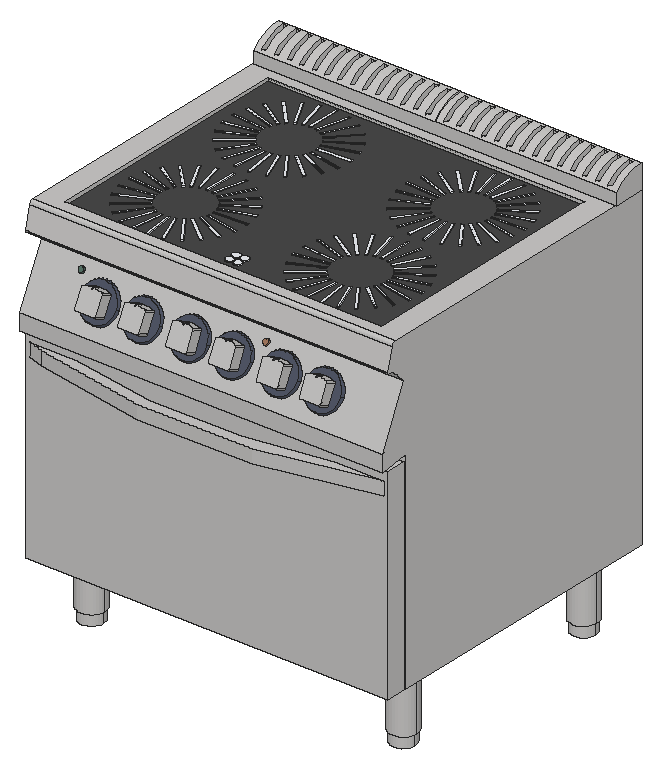
Revit family "QF_ZANUSSI_372026_Z7IREH40E0", category Specialty Equipment, Revit 2018
Family settings
  Round Connector Dimension = Use Diameter
  Part Type = Normal
  Work Plane-Based = No
  Always vertical = Yes
  Cut with Voids When Loaded = No
  Shared = No
  Room Calculation Point = No
Parameters
  Width = 800 mm  # constant formula
  Weight in Pounds = 187  # constant formula
  Weight = 0.00 kg
  Watts = 14800 W  # constant formula
  Volts = 400 V  # constant formula
  URL Manufacturer = "http://www.zanussiprofessional.com"
  URL Cutsheet = "www.electrolux.com/foodservice"
  URL = "http://www.zanussiprofessional.com"
  Type Mark [instance] = ""
  Steam Supply Size = 0"
  Steam Supply Minimum Pressure = 0.00 psi
  Steam Supply Maximum Pressure = 0.00 psi
  Steam Pounds per Hour = 0
  Status [instance] = ""
  Specification by User [instance] = ""
  Specification by Manufacturer = ""
  Show Logo [instance] = yes
  Show Clearance [instance] = yes
  Serial Number = ""
  Seismic Rating = ""
  SMACNA No = ""
  Revision Code [instance] = ""
  Refrigeration Suction Line Size = 0"
  Refrigeration Liquid Line Size = 0"
  Refrigerant Compressor Remote = yes
  Phase = 3  # constant formula
  Omniclass Number and Title = ""
  Number of Poles [instance] = 1
  NAFEM Spec ID Number = ""
  Model = "Z7IREH40E0"
  Min Ckt Ampacity = 0 A
  Max Overcurrent Protection = 0 A
  Masterspec = ""
  Manufacturer = "Zanussi"
  Length Actual = 800 mm  # constant formula
  Item Number [instance] = "372026"
  Installed By [instance] = ""
  Identify Quantity as Lot [instance] = yes
  Hot Water Size = 0"
  Height Actual = 850 mm  # constant formula
  Height = 333 mm  # constant formula
  HP = "19.8 HP"
  Gas Size = 0"
  Gas KW = 0
  Gas Input Pressure = 0.0 Btu/h
  Furnished By [instance] = ""
  Foodservice Equipment Identifier [instance] = yes
  FL Amps = if(Phase = 3, Watts / (Volts * 1.73), Watts / Volts)  # 21.3873 A
  Electrical Remarks [instance] = "400 V/3N ph/50/60 Hz"  # constant formula
  Electric Connection Type [instance] = ""
  Elec Conn RI Height [instance] = 0 mm
  Elec Conn Connection Height [instance] = 0 mm
  Direct Waste Size = 0"
  Description = "INFRARED COOKING RANGE+EL.OVEN 800 MM"
  Depth Actual = 700 mm  # constant formula
  Depth = 715 mm  # constant formula
  Cycle = if([60 Hertz Option], 60 Hz, 50 Hz)  # 60 Hz
  Conn Plug = ""
  Conn Conduit = yes
  Condensate Return Size = 0"
  Compressed Air Volume = 0 GPM
  Compressed Air Size = 0"
  Compressed Air Pressure = 0.00 psi
  Cold Water Size = 0"
  CSI MasterFormat = ""
  CSI Master Format = ""
  Base Height [instance] = 150 mm  # constant formula
  Assembly Code = ""
  Apparent Power = if(Phase = 3, Volts * FL Amps * 1.73, Volts * FL Amps)  # 14800 VA
  Accessory = yes
  60 Hertz Option = not([50 Hertz Option])  # yes
  50 Hertz Option = no
Reference planes
  plane 1 "BACK": y = 0
  plane 2: z = 0
  plane 3 "LEFT": x = 0
  plane 4 "RIGHT": x = 800
  plane 5 "FRONT": y = -715
  plane 6 "TOP": z = 905.238
  plane 7 "Center Y": x = 400
  plane 8 "Center X": y = -357.5
  plane 9 "BASETOP": z = 601
  plane 10 "TOP A": z = 850.238
  plane 11: y = -597.884
  plane 12: y = -147.637
  plane 13: z = 942.313
  plane 14 "Base": z = 150
  plane 15: y = -700
  plane 16 "panel": through (-6096, -715, 640.746) normal (0, 0.8956, -0.4448)
Forms (mm)
  Extrusion 1, solid, material "QF_Finishes_Stainless Steel"
    sketch origin (0, 0, 0) x (0, 1, 0) y (0, 0, 1)
      loop
        line (-655.4, 601) -> (-700, 601) -> (-700, 150) -> (-655.4, 150) -> (-655.4, 601)
      loop
        line (0, 150) -> (0, 850.238) -> (-679.358, 850.238)
        arc (-679.358, 850.238) -> (-684.643, 848.048) -> (-686.833, 842.763) r 7.474
        line (-686.833, 842.763) -> (-699.884, 797.248)
        arc (-699.884, 797.248) -> (-699.396, 794.616) -> (-697, 793.421) r 3
        line (-697, 793.421) -> (-686.802, 793.421) -> (-654.982, 761.602) -> (-715, 640.746) -> (-715, 605.746) -> (-654.755, 614.212)
        arc (-654.755, 614.212) -> (-652.231, 613.464) -> (-651.138, 611.068) r 3.175
        line (-651.138, 611.068) -> (-651.138, 150) -> (0, 150)
    from 0 to 800
  Extrusion 2, solid, material "QF_Finishes_Stainless Steel"
    sketch origin (0, 0, 0) x (0, 1, 0) y (0, 0, 1)
      loop
        line (0, 850.237) -> (0, 905.237)
        arc (0, 905.237) -> (-38.078, 897.879) -> (-69.85, 875.637) r 93.057
        line (-69.85, 875.637) -> (-69.85, 850.237) -> (0, 850.237)
    from 0 to 800
  Extrusion 3, void
    sketch origin (0, 0, 850.238) x (-1, 0, 0) y (0, -1, 0)
      loop
        line (-50, 93.262) -> (-50, 653.262) -> (-749.9, 653.262) -> (-749.9, 93.262) -> (-50, 93.262)
    from 0 to -6.4
  Extrusion 4, solid, material "QF_Finishes_Clearance", visible <- "Show Clearance", detail levels coarse
    sketch origin (0, 0, 0) x (1, 0, 0) y (0, 1, 0)
      loop
        line (0, -715) -> (0, 0) -> (800, 0) -> (800, -715) -> (950.019, -715) -> (950.019, 150.019) -> (-150.019, 150.019) -> (-150.019, -715) -> (0, -715)
    from 0 to 905.237
  Extrusion 5, void
    sketch origin (744.415, 0, 850.237) x (1, 0, 0) y (0, 1, 0)
      loop
        line (42.182, -6.761) -> (32.886, -6.761) -> (32.886, -63.911) -> (42.182, -63.911) -> (42.182, -6.761)
      loop
        line (14.339, -6.761) -> (5.044, -6.761) -> (5.044, -63.911) -> (14.339, -63.911) -> (14.339, -6.761)
      loop
        line (-13.503, -6.761) -> (-22.799, -6.761) -> (-22.799, -63.911) -> (-13.503, -63.911) -> (-13.503, -6.761)
      loop
        line (-41.345, -6.761) -> (-50.641, -6.761) -> (-50.641, -63.911) -> (-41.345, -63.911) -> (-41.345, -6.761)
      loop
        line (-69.187, -6.761) -> (-78.483, -6.761) -> (-78.483, -63.911) -> (-69.187, -63.911) -> (-69.187, -6.761)
      loop
        line (-97.03, -6.761) -> (-106.325, -6.761) -> (-106.325, -63.911) -> (-97.03, -63.911) -> (-97.03, -6.761)
      loop
        line (-124.872, -6.761) -> (-134.168, -6.761) -> (-134.168, -63.911) -> (-124.872, -63.911) -> (-124.872, -6.761)
      loop
        line (-152.714, -6.761) -> (-162.01, -6.761) -> (-162.01, -63.911) -> (-152.714, -63.911) -> (-152.714, -6.761)
      loop
        line (-180.557, -6.761) -> (-189.852, -6.761) -> (-189.852, -63.911) -> (-180.557, -63.911) -> (-180.557, -6.761)
      loop
        line (-208.399, -6.761) -> (-217.695, -6.761) -> (-217.695, -63.911) -> (-208.399, -63.911) -> (-208.399, -6.761)
      loop
        line (-236.241, -6.761) -> (-245.537, -6.761) -> (-245.537, -63.911) -> (-236.241, -63.911) -> (-236.241, -6.761)
      loop
        line (-264.084, -6.761) -> (-273.379, -6.761) -> (-273.379, -63.911) -> (-264.084, -63.911) -> (-264.084, -6.761)
      loop
        line (-359.717, -6.761) -> (-369.013, -6.761) -> (-369.013, -63.911) -> (-359.717, -63.911) -> (-359.717, -6.761)
      loop
        line (-387.559, -6.761) -> (-396.855, -6.761) -> (-396.855, -63.911) -> (-387.559, -63.911) -> (-387.559, -6.761)
      loop
        line (-415.401, -6.761) -> (-424.697, -6.761) -> (-424.697, -63.911) -> (-415.401, -63.911) -> (-415.401, -6.761)
      loop
        line (-443.244, -6.761) -> (-452.539, -6.761) -> (-452.539, -63.911) -> (-443.244, -63.911) -> (-443.244, -6.761)
      loop
        line (-471.086, -6.761) -> (-480.382, -6.761) -> (-480.382, -63.911) -> (-471.086, -63.911) -> (-471.086, -6.761)
      loop
        line (-498.928, -6.761) -> (-508.224, -6.761) -> (-508.224, -63.911) -> (-498.928, -63.911) -> (-498.928, -6.761)
      loop
        line (-526.771, -6.761) -> (-536.066, -6.761) -> (-536.066, -63.911) -> (-526.771, -63.911) -> (-526.771, -6.761)
      loop
        line (-554.613, -6.761) -> (-563.909, -6.761) -> (-563.909, -63.911) -> (-554.613, -63.911) -> (-554.613, -6.761)
      loop
        line (-582.455, -6.761) -> (-591.751, -6.761) -> (-591.751, -63.911) -> (-582.455, -63.911) -> (-582.455, -6.761)
      loop
        line (-610.298, -6.761) -> (-619.593, -6.761) -> (-619.593, -63.911) -> (-610.298, -63.911) -> (-610.298, -6.761)
      loop
        line (-638.14, -6.761) -> (-647.436, -6.761) -> (-647.436, -63.911) -> (-638.14, -63.911) -> (-638.14, -6.761)
      loop
        line (-665.982, -6.761) -> (-675.278, -6.761) -> (-675.278, -63.911) -> (-665.982, -63.911) -> (-665.982, -6.761)
      loop
        line (-693.825, -6.761) -> (-703.12, -6.761) -> (-703.12, -63.911) -> (-693.825, -63.911) -> (-693.825, -6.761)
      loop
        line (-721.667, -6.761) -> (-730.963, -6.761) -> (-730.963, -63.911) -> (-721.667, -63.911) -> (-721.667, -6.761)
      loop
        line (-291.926, -6.761) -> (-301.222, -6.761) -> (-301.222, -63.911) -> (-291.926, -63.911) -> (-291.926, -6.761)
      loop
        line (-319.768, -6.761) -> (-329.064, -6.761) -> (-329.064, -63.911) -> (-319.768, -63.911) -> (-319.768, -6.761)
    from 25.4 to 63.5
  Extrusion 6, void
    sketch origin (418.151, 0, 850.237) x (1, 0, 0) y (0, 1, 0)
      loop
        line (-16.563, 0) -> (-19.738, 0) -> (-19.738, -69.85) -> (-16.563, -69.85) -> (-16.563, 0)
    from 25.4 to 63.5
  Revolve 7, solid, material "QF_Finishes_Stainless Steel"
    sketch origin (0, -587.387, 608.09) x (0, 0, 1) y (-1, 0, 0)
      loop
        line (-608.09, -56) -> (-458.09, -56) -> (-458.09, -26) -> (-583.09, -26) -> (-583.09, -29.75) -> (-608.09, -29.75) -> (-608.09, -56)
      axis (-608.09, -56) -> (-458.09, -56)
    angle from 0 to 360
  Revolve 8, solid, material "QF_Finishes_Stainless Steel"
    sketch origin (0, -90, 608.09) x (0, 0, 1) y (-1, 0, 0)
      loop
        line (-608.09, -56) -> (-458.09, -56) -> (-458.09, -26) -> (-583.09, -26) -> (-583.09, -29.75) -> (-608.09, -29.75) -> (-608.09, -56)
      axis (-608.09, -56) -> (-458.09, -56)
    angle from 0 to 360
  Revolve 9, solid, material "QF_Finishes_Stainless Steel"
    sketch origin (800.1, -587.387, 608.09) x (0, 0, 1) y (-1, 0, 0)
      loop
        line (-608.09, 56.1) -> (-608.09, 29.85) -> (-583.09, 29.85) -> (-583.09, 26.1) -> (-458.09, 26.1) -> (-458.09, 56.1) -> (-608.09, 56.1)
      axis (-608.09, 56.1) -> (-458.09, 56.1)
    angle from 0 to 360
  Revolve 10, solid, material "QF_Finishes_Stainless Steel"
    sketch origin (800.1, -90, 608.09) x (0, 0, 1) y (-1, 0, 0)
      loop
        line (-608.09, 56.1) -> (-608.09, 29.85) -> (-583.09, 29.85) -> (-583.09, 26.1) -> (-458.09, 26.1) -> (-458.09, 56.1) -> (-608.09, 56.1)
      axis (-608.09, 56.1) -> (-458.09, 56.1)
    angle from 0 to 360
  Extrusion 11, solid, material "QF_Finishes_Stainless Steel"
    sketch origin (-77.88, -4755, 150) x (-1, 0, 0) y (0, -1, 0)
      loop
        circle (-832.88, -4242) r 12.7
    from 0 to -12.7
  Extrusion 12, solid, material "QF_Finishes_Door Clearance", visible <- "Show Clearance", detail levels coarse
    sketch origin (0, 0, 0) x (0, 1, 0) y (0, 0, 1)
      loop
        arc (-687.387, 601) -> (-1006.293, 468.905) -> (-1138.387, 150) r 451
        line (-1138.387, 150) -> (-687.387, 150) -> (-687.387, 601)
    from 0 to 800.1
  Blend 13, solid, material "QF_Finishes_Navy Blue"
    base sketch origin (552.5, -684.991, 701.174) x (1, 0, 0) y (0, 0.444781, 0.895639)
      loop
        circle (0, 0) r 42.5
    top sketch origin (552.5, -684.991, 701.174) x (1, 0, 0) y (0, 0.444781, 0.895639)
      loop
        circle (0, 0) r 40.5
    from 0 to 5
  Extrusion 14, solid, material "QF_Finishes_Stainless Steel"
    sketch origin (152.5, -684.991, 701.174) x (1, 0, 0) y (0, 0.444781, 0.895639)
      loop
        arc (-21.147, 22.789) -> (-22.494, 21.685) -> (-23, 20.019) r 2.997
        line (-23, 20.019) -> (-23, -20.019)
        arc (-23, -20.019) -> (-22.122, -22.138) -> (-20.003, -23.016) r 2.997
        line (-20.003, -23.016) -> (20.003, -23.016)
        arc (20.003, -23.016) -> (22.122, -22.138) -> (23, -20.019) r 2.997
        line (23, -20.019) -> (23, 20.019)
        arc (23, 20.019) -> (22.494, 21.685) -> (21.147, 22.789) r 2.997
        arc (21.147, 22.789) -> (0, 26.984) -> (-21.147, 22.789) r 55.4
    from 10 to 34
  Extrusion 15, solid, material "QF_Plastic-Black-Matte"
    sketch origin (232.5, -684.991, 701.174) x (0, 0.444781, 0.895639) y (0, -0.895639, 0.444781)
      loop
        line (26.984, 34) -> (26.984, 19) -> (27.984, 19) -> (27.984, 34)
        arc (27.984, 34) -> (27.691, 34.707) -> (26.984, 35) r 1
        line (26.984, 35) -> (23.984, 35) -> (23.984, 34) -> (26.984, 34)
    from -81 to -79
  Extrusion 16, solid, material "QF_Finishes_DarkGreen"
    sketch origin (152.5, -666.088, 739.238) x (1, 0, 0) y (0, 0.444781, 0.895639)
      loop
        circle (-55.001, 0) r 6
    from 0 to 1.6
  Extrusion 17, solid, material "QF_Finishes_Stainless Steel"
    sketch origin (152.5, -684.991, 701.174) x (1, 0, 0) y (0, 0.444781, 0.895639)
      loop
        line (17.5, 17.5) -> (-17.5, 17.5) -> (-17.5, -17.5) -> (17.5, -17.5) -> (17.5, 17.5)
    from 5 to 10
  Blend 18, solid, material "QF_Finishes_Navy Blue"
    base sketch origin (647.5, -684.991, 701.174) x (1, 0, 0) y (0, 0.444781, 0.895639)
      loop
        circle (0, 0) r 42.5
    top sketch origin (647.5, -684.991, 701.174) x (1, 0, 0) y (0, 0.444781, 0.895639)
      loop
        circle (0, 0) r 40.5
    from 0 to 5
  Extrusion 19, solid, material "QF_Finishes_Stainless Steel"
    sketch origin (247.5, -684.991, 701.174) x (1, 0, 0) y (0, 0.444781, 0.895639)
      loop
        arc (-21.147, 22.789) -> (-22.494, 21.685) -> (-23, 20.019) r 2.997
        line (-23, 20.019) -> (-23, -20.019)
        arc (-23, -20.019) -> (-22.122, -22.138) -> (-20.003, -23.016) r 2.997
        line (-20.003, -23.016) -> (20.003, -23.016)
        arc (20.003, -23.016) -> (22.122, -22.138) -> (23, -20.019) r 2.997
        line (23, -20.019) -> (23, 20.019)
        arc (23, 20.019) -> (22.494, 21.685) -> (21.147, 22.789) r 2.997
        arc (21.147, 22.789) -> (0, 26.984) -> (-21.147, 22.789) r 55.4
    from 10 to 34
  Extrusion 20, solid, material "QF_Finishes_Stainless Steel"
    sketch origin (247.5, -684.991, 701.174) x (1, 0, 0) y (0, 0.444781, 0.895639)
      loop
        line (17.5, 17.5) -> (-17.5, 17.5) -> (-17.5, -17.5) -> (17.5, -17.5) -> (17.5, 17.5)
    from 5 to 10
  Extrusion 21, solid, material "QF_Plastic-Black-Matte"
    sketch origin (212.5, -684.991, 701.174) x (0, 0.444781, 0.895639) y (0, 0.895639, -0.444781)
      loop
        line (26.984, -34) -> (23.984, -34) -> (23.984, -35) -> (26.984, -35)
        arc (26.984, -35) -> (27.691, -34.707) -> (27.984, -34) r 1
        line (27.984, -34) -> (27.984, -19) -> (26.984, -19) -> (26.984, -34)
    from -36 to -34
  Blend 22, solid, material "QF_Finishes_Navy Blue"
    base sketch origin (152.5, -684.991, 701.174) x (1, 0, 0) y (0, 0.444781, 0.895639)
      loop
        circle (0, 0) r 42.5
    top sketch origin (152.5, -684.991, 701.174) x (1, 0, 0) y (0, 0.444781, 0.895639)
      loop
        circle (0, 0) r 40.5
    from 0 to 5
  Blend 23, solid, material "QF_Finishes_Navy Blue"
    base sketch origin (247.5, -684.991, 701.174) x (1, 0, 0) y (0, 0.444781, 0.895639)
      loop
        circle (0, 0) r 42.5
    top sketch origin (247.5, -684.991, 701.174) x (1, 0, 0) y (0, 0.444781, 0.895639)
      loop
        circle (0, 0) r 40.5
    from 0 to 5
  Extrusion 24, solid, material "QF_Finishes_Stainless Steel"
    sketch origin (552.5, -684.991, 701.174) x (1, 0, 0) y (0, 0.444781, 0.895639)
      loop
        arc (-21.147, 22.789) -> (-22.494, 21.685) -> (-23, 20.019) r 2.997
        line (-23, 20.019) -> (-23, -20.019)
        arc (-23, -20.019) -> (-22.122, -22.138) -> (-20.003, -23.016) r 2.997
        line (-20.003, -23.016) -> (20.003, -23.016)
        arc (20.003, -23.016) -> (22.122, -22.138) -> (23, -20.019) r 2.997
        line (23, -20.019) -> (23, 20.019)
        arc (23, 20.019) -> (22.494, 21.685) -> (21.147, 22.789) r 2.997
        arc (21.147, 22.789) -> (0, 26.984) -> (-21.147, 22.789) r 55.4
    from 10 to 34
  Extrusion 25, solid, material "QF_Finishes_Stainless Steel"
    sketch origin (552.5, -684.991, 701.174) x (1, 0, 0) y (0, 0.444781, 0.895639)
      loop
        line (17.5, 17.5) -> (-17.5, 17.5) -> (-17.5, -17.5) -> (17.5, -17.5) -> (17.5, 17.5)
    from 5 to 10
  Extrusion 26, solid, material "QF_Finishes_Stainless Steel"
    sketch origin (647.5, -684.991, 701.174) x (1, 0, 0) y (0, 0.444781, 0.895639)
      loop
        arc (-21.147, 22.789) -> (-22.494, 21.685) -> (-23, 20.019) r 2.997
        line (-23, 20.019) -> (-23, -20.019)
        arc (-23, -20.019) -> (-22.122, -22.138) -> (-20.003, -23.016) r 2.997
        line (-20.003, -23.016) -> (20.003, -23.016)
        arc (20.003, -23.016) -> (22.122, -22.138) -> (23, -20.019) r 2.997
        line (23, -20.019) -> (23, 20.019)
        arc (23, 20.019) -> (22.494, 21.685) -> (21.147, 22.789) r 2.997
        arc (21.147, 22.789) -> (0, 26.984) -> (-21.147, 22.789) r 55.4
    from 10 to 34
  Extrusion 27, solid, material "QF_Finishes_Stainless Steel"
    sketch origin (647.5, -684.991, 701.174) x (1, 0, 0) y (0, 0.444781, 0.895639)
      loop
        line (17.5, 17.5) -> (-17.5, 17.5) -> (-17.5, -17.5) -> (17.5, -17.5) -> (17.5, 17.5)
    from 5 to 10
  Extrusion 28, solid, material "QF_Plastic-Black-Matte"
    sketch origin (232.5, -684.991, 701.174) x (0, 0.444781, 0.895639) y (0, -0.895639, 0.444781)
      loop
        line (26.984, 34) -> (26.984, 19) -> (27.984, 19) -> (27.984, 34)
        arc (27.984, 34) -> (27.691, 34.707) -> (26.984, 35) r 1
        line (26.984, 35) -> (23.984, 35) -> (23.984, 34) -> (26.984, 34)
    from 321 to 319
  Extrusion 29, solid, material "QF_Plastic-Black-Matte"
    sketch origin (212.5, -684.991, 701.174) x (0, 0.444781, 0.895639) y (0, 0.895639, -0.444781)
      loop
        line (26.984, -34) -> (23.984, -34) -> (23.984, -35) -> (26.984, -35)
        arc (26.984, -35) -> (27.691, -34.707) -> (27.984, -34) r 1
        line (27.984, -34) -> (27.984, -19) -> (26.984, -19) -> (26.984, -34)
    from -436 to -434
  Blend 30, solid, material "QF_Finishes_Navy Blue"
    base sketch origin (447.5, -684.991, 701.174) x (1, 0, 0) y (0, 0.444781, 0.895639)
      loop
        circle (0, 0) r 42.5
    top sketch origin (447.5, -684.991, 701.174) x (1, 0, 0) y (0, 0.444781, 0.895639)
      loop
        circle (0, 0) r 40.5
    from 0 to 5
  Extrusion 31, solid, material "QF_Finishes_Stainless Steel"
    sketch origin (215, -684.991, 701.174) x (1, 0, 0) y (0, 0.444781, 0.895639)
      loop
        arc (211.353, 22.789) -> (210.006, 21.685) -> (209.5, 20.019) r 2.997
        line (209.5, 20.019) -> (209.5, -20.019)
        arc (209.5, -20.019) -> (210.378, -22.138) -> (212.497, -23.016) r 2.997
        line (212.497, -23.016) -> (252.503, -23.016)
        arc (252.503, -23.016) -> (254.622, -22.138) -> (255.5, -20.019) r 2.997
        line (255.5, -20.019) -> (255.5, 20.019)
        arc (255.5, 20.019) -> (254.994, 21.685) -> (253.647, 22.789) r 2.997
        arc (253.647, 22.789) -> (232.5, 26.984) -> (211.353, 22.789) r 55.4
    from 10 to 34
  Extrusion 32, solid, material "QF_Plastic-Black-Matte"
    sketch origin (295, -684.991, 701.174) x (0, 0.444781, 0.895639) y (0, 0.895639, -0.444781)
      loop
        line (26.984, -34) -> (23.984, -34) -> (23.984, -35) -> (26.984, -35)
        arc (26.984, -35) -> (27.691, -34.707) -> (27.984, -34) r 1
        line (27.984, -34) -> (27.984, -19) -> (26.984, -19) -> (26.984, -34)
    from -58.5 to -56.5
  Extrusion 33, solid, material "QF_Finishes_Stainless Steel"
    sketch origin (352.5, -684.991, 701.174) x (-1, 0, 0) y (0, -0.444781, -0.895639)
      loop
        line (17.5, -17.5) -> (17.5, 17.5) -> (-17.5, 17.5) -> (-17.5, -17.5) -> (17.5, -17.5)
    from 5 to 10
  Extrusion 34, solid, material "QF_Finishes_Stainless Steel"
    sketch origin (352.5, -684.991, 701.174) x (-1, 0, 0) y (0, -0.444781, -0.895639)
      loop
        arc (-21.147, -22.789) -> (0, -26.984) -> (21.147, -22.789) r 55.4
        arc (21.147, -22.789) -> (22.494, -21.685) -> (23, -20.019) r 2.997
        line (23, -20.019) -> (23, 20.019)
        arc (23, 20.019) -> (22.122, 22.138) -> (20.003, 23.016) r 2.997
        line (20.003, 23.016) -> (-20.003, 23.016)
        arc (-20.003, 23.016) -> (-22.122, 22.138) -> (-23, 20.019) r 2.997
        line (-23, 20.019) -> (-23, -20.019)
        arc (-23, -20.019) -> (-22.494, -21.685) -> (-21.147, -22.789) r 2.997
    from 10 to 34
  Blend 35, solid, material "QF_Finishes_Navy Blue"
    base sketch origin (352.5, -684.991, 701.174) x (1, 0, 0) y (0, 0.444781, 0.895639)
      loop
        circle (0, 0) r 42.5
    top sketch origin (352.5, -684.991, 701.174) x (1, 0, 0) y (0, 0.444781, 0.895639)
      loop
        circle (0, 0) r 40.5
    from 0 to 5
  Extrusion 36, solid, material "QF_Plastic-Black-Matte"
    sketch origin (390, -684.991, 701.174) x (0, 0.444781, 0.895639) y (0, 0.895639, -0.444781)
      loop
        line (26.984, -34) -> (23.984, -34) -> (23.984, -35) -> (26.984, -35)
        arc (26.984, -35) -> (27.691, -34.707) -> (27.984, -34) r 1
        line (27.984, -34) -> (27.984, -19) -> (26.984, -19) -> (26.984, -34)
    from -58.5 to -56.5
  Extrusion 37, solid, material "QF_Finishes_Stainless Steel"
    sketch origin (447.5, -684.991, 701.174) x (-1, 0, 0) y (0, -0.444781, -0.895639)
      loop
        line (17.5, -17.5) -> (17.5, 17.5) -> (-17.5, 17.5) -> (-17.5, -17.5) -> (17.5, -17.5)
    from 5 to 10
  Extrusion 38, solid, material "QF_Finishes_Brown"
    sketch origin (105, -829.045, 411.098) x (0, 0.444781, 0.895639) y (-1, 0, 0)
      loop
        circle (366.376, -400) r 6
    from 0 to 1.6
  Extrusion 39, solid, material "QF_Finishes_Stainless Steel"
    sketch origin (-77.88, -4572, 150) x (-1, 0, 0) y (0, -1, 0)
      loop
        line (-867.88, -3872) -> (-774.275, -3872)
        arc (-774.275, -3872) -> (-477.88, -3837) -> (-181.485, -3872) r 1272.5
        line (-181.485, -3872) -> (-87.88, -3872)
        arc (-87.88, -3872) -> (-105.097, -3866.705) -> (-122.386, -3861.65) r 1297.5
        arc (-122.386, -3861.65) -> (-495.892, -3812.125) -> (-867.88, -3872) r 1297.5
    from 400 to 430
  Extrusion 40, solid, material "QF_Finishes_White"
    sketch origin (0, 0, 850.238) x (-1, 0, 0) y (0, -1, 0)
      loop
        circle (-409, 606.884) r 9
    from -6.4 to -5.6
  Extrusion 41, solid, material "QF_Finishes_White"
    sketch origin (0, 0, 850.238) x (-1, 0, 0) y (0, -1, 0)
      loop
        circle (-391, 606.884) r 9
    from -6.4 to -5.6
  Extrusion 42, solid, material "QF_Finishes_White"
    sketch origin (0, 0, 850.238) x (-1, 0, 0) y (0, -1, 0)
      loop
        circle (-409, 624.884) r 9
    from -6.4 to -5.6
  Extrusion 43, solid, material "QF_Finishes_White"
    sketch origin (0, 0, 850.238) x (-1, 0, 0) y (0, -1, 0)
      loop
        circle (-391, 624.884) r 9
    from -6.4 to -5.6
Cuts and joins
  Extrusion 3 cuts Extrusion 1
  Extrusion 5, Extrusion 6 cuts Extrusion 2
  Extrusion 5, Extrusion 6 cuts Extrusion 4
Lines and regions (mm)
  Split face 1
    outline origin (552.401, -689.469, 703.397) x (1, 0, 0) y (0, 0.444781, 0.895639)
      loop
        line (-8.901, 38.561) -> (-8.901, 28.561) -> (-2.901, 28.561) -> (-2.901, 38.561) -> (-8.901, 38.561)
  Split face 2
    outline origin (552.401, -689.469, 703.397) x (1, 0, 0) y (0, 0.444781, 0.895639)
      loop
        line (-8.401, 38.061) -> (-8.401, 29.061) -> (-3.401, 29.061) -> (-3.401, 38.061) -> (-8.401, 38.061)
  Split face 3
    outline origin (552.401, -689.469, 703.397) x (1, 0, 0) y (0, 0.444781, 0.895639)
      loop
        line (-8.401, 34.061) -> (-3.401, 34.061)
  Split face 4
    outline origin (552.401, -689.469, 703.397) x (1, 0, 0) y (0, 0.444781, 0.895639)
      loop
        line (-8.401, 33.561) -> (-3.401, 33.561)
  Split face 5
    outline origin (552.401, -689.469, 703.397) x (1, 0, 0) y (0, 0.444781, 0.895639)
      loop
        circle (-5.901, 31.311) r 2.029
  Split face 6
    outline origin (552.5, -689.469, 703.397) x (0, -0.444781, -0.895639) y (1, 0, 0)
      loop
        circle (-34, 0) r 1.5
  Split face 7
    outline origin (647.5, -689.469, 703.397) x (0, -0.444781, -0.895639) y (1, 0, 0)
      loop
        circle (-34, 0) r 1.5
  Split face 8
    outline origin (641.5, -689.469, 703.397) x (1, 0, 0) y (0, 0.444781, 0.895639)
      loop
        line (-3, 38.561) -> (-3, 28.561) -> (3, 28.561) -> (3, 38.561) -> (-3, 38.561)
  Split face 9
    outline origin (641.5, -689.469, 703.397) x (1, 0, 0) y (0, 0.444781, 0.895639)
      loop
        line (-2.5, 38.061) -> (-2.5, 29.061) -> (2.5, 29.061) -> (2.5, 38.061) -> (-2.5, 38.061)
  Split face 10
    outline origin (641.5, -689.469, 703.397) x (1, 0, 0) y (0, 0.444781, 0.895639)
      loop
        line (-2.5, 33.561) -> (2.5, 33.561)
  Split face 11
    outline origin (641.5, -689.469, 703.397) x (1, 0, 0) y (0, 0.444781, 0.895639)
      loop
        line (-2.5, 33.061) -> (2.5, 33.061)
  Split face 12
    outline origin (641.5, -689.469, 703.397) x (1, 0, 0) y (0, 0.444781, 0.895639)
      loop
        circle (0, 35.811) r 2.031
  Split face 13
    outline origin (552.5, -689.469, 703.397) x (0.5, 0.385192, 0.775646) y (-0.866025, 0.222391, 0.44782)
      loop
        circle (-34, 0) r 1.5
  Split face 14
    outline origin (552.5, -689.469, 703.397) x (0.766044, -0.2859, -0.575706) y (0.642788, 0.340722, 0.686099)
      loop
        circle (-34, 0) r 1.5
  Split face 15
    outline origin (552.5, -689.469, 703.397) x (0.984808, 0.077235, 0.155526) y (-0.173648, 0.438024, 0.882032)
      loop
        circle (-34, 0) r 1.5
  Split face 16
    outline origin (552.5, -689.469, 703.397) x (0.984808, 0.077235, 0.155526) y (0.173648, -0.438024, -0.882032)
      loop
        circle (31.95, 11.629) r 1.5
  Split face 17
    outline origin (552.5, -689.469, 703.397) x (-0.5, 0.385192, 0.775646) y (0.866025, 0.222391, 0.44782)
      loop
        circle (-34, 0) r 1.5
  Split face 18
    outline origin (552.5, -689.469, 703.397) x (-0.766044, -0.2859, -0.575706) y (-0.642788, 0.340722, 0.686099)
      loop
        circle (-34, 0) r 1.5
  Split face 19
    outline origin (647.5, -689.469, 703.397) x (0.5, 0.385192, 0.775646) y (-0.866025, 0.222391, 0.44782)
      loop
        circle (-34, 0) r 1.5
  Split face 20
    outline origin (647.5, -689.469, 703.397) x (0.766044, -0.2859, -0.575706) y (0.642788, 0.340722, 0.686099)
      loop
        circle (-34, 0) r 1.5
  Split face 21
    outline origin (647.5, -689.469, 703.397) x (0.984808, 0.077235, 0.155526) y (-0.173648, 0.438024, 0.882032)
      loop
        circle (-34, 0) r 1.5
  Split face 22
    outline origin (647.5, -689.469, 703.397) x (-0.5, 0.385192, 0.775646) y (0.866025, 0.222391, 0.44782)
      loop
        circle (-34, 0) r 1.5
  Split face 23
    outline origin (647.5, -689.469, 703.397) x (-0.766044, -0.2859, -0.575706) y (-0.642788, 0.340722, 0.686099)
      loop
        circle (-34, 0) r 1.5
  Split face 24
    outline origin (647.5, -689.469, 703.397) x (-0.984808, 0.077235, 0.155526) y (0.173648, 0.438024, 0.882032)
      loop
        circle (-34, 0) r 1.5
  Split face 25
    outline origin (152.401, -689.469, 703.397) x (1, 0, 0) y (0, 0.444781, 0.895639)
      loop
        line (-8.901, 38.561) -> (-8.901, 28.561) -> (-2.901, 28.561) -> (-2.901, 38.561) -> (-8.901, 38.561)
  Split face 26
    outline origin (152.401, -689.469, 703.397) x (1, 0, 0) y (0, 0.444781, 0.895639)
      loop
        line (-8.401, 38.061) -> (-8.401, 29.061) -> (-3.401, 29.061) -> (-3.401, 38.061) -> (-8.401, 38.061)
  Split face 27
    outline origin (152.401, -689.469, 703.397) x (1, 0, 0) y (0, 0.444781, 0.895639)
      loop
        line (-8.401, 34.061) -> (-3.401, 34.061)
  Split face 28
    outline origin (152.401, -689.469, 703.397) x (1, 0, 0) y (0, 0.444781, 0.895639)
      loop
        line (-8.401, 33.561) -> (-3.401, 33.561)
  Split face 29
    outline origin (152.401, -689.469, 703.397) x (1, 0, 0) y (0, 0.444781, 0.895639)
      loop
        circle (-5.901, 31.311) r 2.029
  Split face 30
    outline origin (152.5, -689.469, 703.397) x (0, -0.444781, -0.895639) y (1, 0, 0)
      loop
        circle (-34, 0) r 1.5
  Split face 31
    outline origin (247.5, -689.469, 703.397) x (0, -0.444781, -0.895639) y (1, 0, 0)
      loop
        circle (-34, 0) r 1.5
  Split face 32
    outline origin (241.5, -689.469, 703.397) x (1, 0, 0) y (0, 0.444781, 0.895639)
      loop
        line (-3, 38.561) -> (-3, 28.561) -> (3, 28.561) -> (3, 38.561) -> (-3, 38.561)
  Split face 33
    outline origin (241.5, -689.469, 703.397) x (1, 0, 0) y (0, 0.444781, 0.895639)
      loop
        line (-2.5, 38.061) -> (-2.5, 29.061) -> (2.5, 29.061) -> (2.5, 38.061) -> (-2.5, 38.061)
  Split face 34
    outline origin (241.5, -689.469, 703.397) x (1, 0, 0) y (0, 0.444781, 0.895639)
      loop
        line (-2.5, 33.561) -> (2.5, 33.561)
  Split face 35
    outline origin (241.5, -689.469, 703.397) x (1, 0, 0) y (0, 0.444781, 0.895639)
      loop
        line (-2.5, 33.061) -> (2.5, 33.061)
  Split face 36
    outline origin (241.5, -689.469, 703.397) x (1, 0, 0) y (0, 0.444781, 0.895639)
      loop
        circle (0, 35.811) r 2.031
  Split face 37
    outline origin (152.5, -689.469, 703.397) x (0.5, 0.385192, 0.775646) y (-0.866025, 0.222391, 0.44782)
      loop
        circle (-34, 0) r 1.5
  Split face 38
    outline origin (152.5, -689.469, 703.397) x (0.766044, -0.2859, -0.575706) y (0.642788, 0.340722, 0.686099)
      loop
        circle (-34, 0) r 1.5
  Split face 39
    outline origin (152.5, -689.469, 703.397) x (0.984808, 0.077235, 0.155526) y (-0.173648, 0.438024, 0.882032)
      loop
        circle (-34, 0) r 1.5
  Split face 40
    outline origin (152.5, -689.469, 703.397) x (0.984808, 0.077235, 0.155526) y (0.173648, -0.438024, -0.882032)
      loop
        circle (31.95, 11.629) r 1.5
  Split face 41
    outline origin (152.5, -689.469, 703.397) x (-0.5, 0.385192, 0.775646) y (0.866025, 0.222391, 0.44782)
      loop
        circle (-34, 0) r 1.5
  Split face 42
    outline origin (152.5, -689.469, 703.397) x (-0.766044, -0.2859, -0.575706) y (-0.642788, 0.340722, 0.686099)
      loop
        circle (-34, 0) r 1.5
  Split face 43
    outline origin (247.5, -689.469, 703.397) x (0.5, 0.385192, 0.775646) y (-0.866025, 0.222391, 0.44782)
      loop
        circle (-34, 0) r 1.5
  Split face 44
    outline origin (247.5, -689.469, 703.397) x (0.766044, -0.2859, -0.575706) y (0.642788, 0.340722, 0.686099)
      loop
        circle (-34, 0) r 1.5
  Split face 45
    outline origin (247.5, -689.469, 703.397) x (0.984808, 0.077235, 0.155526) y (-0.173648, 0.438024, 0.882032)
      loop
        circle (-34, 0) r 1.5
  Split face 46
    outline origin (247.5, -689.469, 703.397) x (-0.5, 0.385192, 0.775646) y (0.866025, 0.222391, 0.44782)
      loop
        circle (-34, 0) r 1.5
  Split face 47
    outline origin (247.5, -689.469, 703.397) x (-0.766044, -0.2859, -0.575706) y (-0.642788, 0.340722, 0.686099)
      loop
        circle (-34, 0) r 1.5
  Split face 48
    outline origin (247.5, -689.469, 703.397) x (-0.984808, 0.077235, 0.155526) y (0.173648, 0.438024, 0.882032)
      loop
        circle (-34, 0) r 1.5
  Split face 49
    outline origin (447.5, -689.469, 703.397) x (1, 0, 0) y (0, 0.444781, 0.895639)
      loop
        circle (0, 33) r 1
  Split face 50
    outline origin (447.5, -689.469, 703.397) x (1, 0, 0) y (0, 0.444781, 0.895639)
      loop
        circle (-33, 0) r 1
  Split face 51
    outline origin (447.5, -689.469, 703.397) x (-1, 0, 0) y (0, 0.444781, 0.895639)
      loop
        circle (31.876, -8.541) r 1
  Split face 52
    outline origin (447.5, -689.469, 703.397) x (-1, 0, 0) y (0, 0.444781, 0.895639)
      loop
        circle (28.579, -16.5) r 1
  Split face 53
    outline origin (447.5, -689.469, 703.397) x (-1, 0, 0) y (0, 0.444781, 0.895639)
      loop
        circle (23.335, -23.335) r 1
  Split face 54
    outline origin (447.5, -689.469, 703.397) x (-1, 0, 0) y (0, 0.444781, 0.895639)
      loop
        circle (16.5, -28.579) r 1
  Split face 55
    outline origin (447.5, -689.469, 703.397) x (-1, 0, 0) y (0, 0.444781, 0.895639)
      loop
        circle (8.541, -31.876) r 1
  Split face 56
    outline origin (447.5, -689.469, 703.397) x (1, 0, 0) y (0, -0.444781, -0.895639)
      loop
        circle (33, 0) r 1
  Split face 57
    outline origin (447.5, -689.469, 703.397) x (-1, 0, 0) y (0, -0.444781, -0.895639)
      loop
        circle (-8.541, 31.876) r 1
  Split face 58
    outline origin (447.5, -689.469, 703.397) x (-1, 0, 0) y (0, -0.444781, -0.895639)
      loop
        circle (-16.5, 28.579) r 1
  Split face 59
    outline origin (447.5, -689.469, 703.397) x (-1, 0, 0) y (0, -0.444781, -0.895639)
      loop
        circle (-23.335, 23.335) r 1
  Split face 60
    outline origin (447.5, -689.469, 703.397) x (-1, 0, 0) y (0, -0.444781, -0.895639)
      loop
        circle (-28.579, 16.5) r 1
  Split face 61
    outline origin (447.5, -689.469, 703.397) x (-1, 0, 0) y (0, -0.444781, -0.895639)
      loop
        circle (-31.876, 8.541) r 1
  Split face 62
    outline origin (447.5, -689.469, 703.397) x (1, 0, 0) y (0, 0.444781, 0.895639)
      loop
        circle (0, -33) r 1
  Split face 63
    outline origin (352.5, -689.469, 703.397) x (1, 0, 0) y (0, 0.444781, 0.895639)
      loop
        line (-35.5, 0.5) -> (-29.5, 0.5) -> (-29.5, 2.5) -> (-35.5, 2.5) -> (-35.5, 0.5)
  Split face 64
    outline origin (352.5, -690.803, 700.711) x (1, 0, 0) y (0, 0.444781, 0.895639)
      loop
        line (-35.5, 0.5) -> (-29.5, 0.5) -> (-29.5, 2.5) -> (-35.5, 2.5) -> (-35.5, 0.5)
  Split face 65
    outline origin (352.5, -689.469, 703.397) x (1, 0, 0) y (0, 0.444781, 0.895639)
      loop
        line (-3, -32.32) -> (-3, -34.32) -> (3, -34.32) -> (3, -32.32) -> (-3, -32.32)
  Split face 66
    outline origin (352.5, -689.469, 703.397) x (1, 0, 0) y (0, 0.444781, 0.895639)
      loop
        circle (0, 34.714) r 1.714
  symbolic lines, style "QF-Clearances", visible <- "Show Clearance", detail levels coarse
    curve 1: line (-150.019, 150.019, 850.238) -> (-150.019, -716.377, 850.238)
    curve 2: line (950.019, 150.019, 850.237) -> (-150.019, 150.019, 850.238)
    curve 3: line (950.019, -716.377, 850.237) -> (950.019, 150.019, 850.237)
  symbolic lines
    curve 4: line (0, 0, 850.238) -> (800, 0, 850.237)
    curve 5: line (0, -715, 850.238) -> (0, 0, 850.238)
    curve 6: line (800, -715, 850.237) -> (0, -715, 850.238)
    curve 7: line (800, 0, 850.237) -> (800, -715, 850.237)
    curve 8: line (22.699, -6.761, 850.238) -> (22.699, -63.911, 850.238)
    curve 9: line (13.403, -63.911, 850.238) -> (13.403, -6.761, 850.238)
    curve 10: line (13.403, -6.761, 850.238) -> (22.699, -6.761, 850.238)
    curve 11: line (0, -69.85, 850.238) -> (398.413, -69.85, 850.237)
    curve 12: line (384.649, -6.761, 850.237) -> (384.649, -63.911, 850.237)
    curve 13: line (375.353, -63.911, 850.237) -> (375.353, -6.761, 850.237)
    curve 14: line (375.353, -6.761, 850.237) -> (384.649, -6.761, 850.237)
    curve 15: line (50.541, -6.761, 850.238) -> (50.541, -63.911, 850.238)
    curve 16: line (41.245, -63.911, 850.238) -> (41.245, -6.761, 850.238)
    curve 17: line (41.245, -6.761, 850.238) -> (50.541, -6.761, 850.238)
    curve 18: line (78.383, -6.761, 850.238) -> (78.383, -63.911, 850.238)
    curve 19: line (69.087, -63.911, 850.238) -> (69.087, -6.761, 850.238)
    curve 20: line (69.087, -6.761, 850.238) -> (78.383, -6.761, 850.238)
    curve 21: line (106.225, -6.761, 850.237) -> (106.225, -63.911, 850.237)
    curve 22: line (96.93, -63.911, 850.238) -> (96.93, -6.761, 850.238)
    curve 23: line (96.93, -6.761, 850.238) -> (106.225, -6.761, 850.237)
    curve 24: line (134.068, -6.761, 850.237) -> (134.068, -63.911, 850.237)
    curve 25: line (124.772, -63.911, 850.237) -> (124.772, -6.761, 850.237)
    curve 26: line (124.772, -6.761, 850.237) -> (134.068, -6.761, 850.237)
    curve 27: line (161.91, -6.761, 850.237) -> (161.91, -63.911, 850.237)
    curve 28: line (152.614, -63.911, 850.237) -> (152.614, -6.761, 850.237)
    curve 29: line (152.614, -6.761, 850.237) -> (161.91, -6.761, 850.237)
    curve 30: line (189.752, -6.761, 850.237) -> (189.752, -63.911, 850.237)
    curve 31: line (180.457, -63.911, 850.237) -> (180.457, -6.761, 850.237)
    curve 32: line (180.457, -6.761, 850.237) -> (189.752, -6.761, 850.237)
    curve 33: line (217.595, -6.761, 850.237) -> (217.595, -63.911, 850.237)
    curve 34: line (208.299, -63.911, 850.237) -> (208.299, -6.761, 850.237)
    curve 35: line (208.299, -6.761, 850.237) -> (217.595, -6.761, 850.237)
    curve 36: line (245.437, -6.761, 850.237) -> (245.437, -63.911, 850.237)
    curve 37: line (236.141, -63.911, 850.237) -> (236.141, -6.761, 850.237)
    curve 38: line (236.141, -6.761, 850.237) -> (245.437, -6.761, 850.237)
    curve 39: line (273.279, -6.761, 850.237) -> (273.279, -63.911, 850.237)
    curve 40: line (263.984, -63.911, 850.237) -> (263.984, -6.761, 850.237)
    curve 41: line (263.984, -6.761, 850.237) -> (273.279, -6.761, 850.237)
    curve 42: line (301.122, -6.761, 850.237) -> (301.122, -63.911, 850.237)
    curve 43: line (291.826, -63.911, 850.237) -> (291.826, -6.761, 850.237)
    curve 44: line (291.826, -6.761, 850.237) -> (301.122, -6.761, 850.237)
    curve 45: line (328.964, -6.761, 850.237) -> (328.964, -63.911, 850.237)
    curve 46: line (319.668, -63.911, 850.237) -> (319.668, -6.761, 850.237)
    curve 47: line (319.668, -6.761, 850.237) -> (328.964, -6.761, 850.237)
    curve 48: line (356.806, -6.761, 850.237) -> (356.806, -63.911, 850.237)
    curve 49: line (347.511, -63.911, 850.237) -> (347.511, -6.761, 850.237)
    curve 50: line (347.511, -6.761, 850.237) -> (356.806, -6.761, 850.237)
    curve 51: line (777.251, -6.761, 850.237) -> (777.251, -63.911, 850.237)
    curve 52: line (786.547, -63.911, 850.237) -> (786.547, -6.761, 850.237)
    curve 53: line (786.547, -6.761, 850.237) -> (777.251, -6.761, 850.237)
    curve 54: line (415.301, -6.761, 850.237) -> (415.301, -63.911, 850.237)
    curve 55: line (424.597, -63.911, 850.237) -> (424.597, -6.761, 850.237)
    curve 56: line (424.597, -6.761, 850.237) -> (415.301, -6.761, 850.237)
    curve 57: line (749.409, -6.761, 850.237) -> (749.409, -63.911, 850.237)
    curve 58: line (758.705, -63.911, 850.237) -> (758.705, -6.761, 850.237)
    curve 59: line (758.705, -6.761, 850.237) -> (749.409, -6.761, 850.237)
    curve 60: line (721.567, -6.761, 850.237) -> (721.567, -63.911, 850.237)
    curve 61: line (730.863, -63.911, 850.237) -> (730.863, -6.761, 850.237)
    curve 62: line (730.863, -6.761, 850.237) -> (721.567, -6.761, 850.237)
    curve 63: line (693.725, -6.761, 850.237) -> (693.725, -63.911, 850.237)
    curve 64: line (703.02, -63.911, 850.237) -> (703.02, -6.761, 850.237)
    curve 65: line (703.02, -6.761, 850.237) -> (693.725, -6.761, 850.237)
    curve 66: line (665.882, -6.761, 850.237) -> (665.882, -63.911, 850.237)
    curve 67: line (675.178, -63.911, 850.237) -> (675.178, -6.761, 850.237)
    curve 68: line (675.178, -6.761, 850.237) -> (665.882, -6.761, 850.237)
    curve 69: line (638.04, -6.761, 850.237) -> (638.04, -63.911, 850.237)
    curve 70: line (647.336, -63.911, 850.237) -> (647.336, -6.761, 850.237)
    curve 71: line (647.336, -6.761, 850.237) -> (638.04, -6.761, 850.237)
    curve 72: line (610.198, -6.761, 850.237) -> (610.198, -63.911, 850.237)
    curve 73: line (619.493, -63.911, 850.237) -> (619.493, -6.761, 850.237)
    curve 74: line (619.493, -6.761, 850.237) -> (610.198, -6.761, 850.237)
    curve 75: line (582.355, -6.761, 850.237) -> (582.355, -63.911, 850.237)
    curve 76: line (591.651, -63.911, 850.237) -> (591.651, -6.761, 850.237)
    curve 77: line (591.651, -6.761, 850.237) -> (582.355, -6.761, 850.237)
    curve 78: line (554.513, -6.761, 850.237) -> (554.513, -63.911, 850.237)
    curve 79: line (563.809, -63.911, 850.237) -> (563.809, -6.761, 850.237)
    curve 80: line (563.809, -6.761, 850.237) -> (554.513, -6.761, 850.237)
    curve 81: line (526.671, -6.761, 850.237) -> (526.671, -63.911, 850.237)
    curve 82: line (535.966, -63.911, 850.237) -> (535.966, -6.761, 850.237)
    curve 83: line (535.966, -6.761, 850.237) -> (526.671, -6.761, 850.237)
    curve 84: line (498.828, -6.761, 850.237) -> (498.828, -63.911, 850.237)
    curve 85: line (508.124, -63.911, 850.237) -> (508.124, -6.761, 850.237)
    curve 86: line (508.124, -6.761, 850.237) -> (498.828, -6.761, 850.237)
    curve 87: line (470.986, -6.761, 850.237) -> (470.986, -63.911, 850.237)
    curve 88: line (480.282, -63.911, 850.237) -> (480.282, -6.761, 850.237)
    curve 89: line (480.282, -6.761, 850.237) -> (470.986, -6.761, 850.237)
    curve 90: line (443.144, -6.761, 850.237) -> (443.144, -63.911, 850.237)
    curve 91: line (452.439, -63.911, 850.237) -> (452.439, -6.761, 850.237)
    curve 92: line (452.439, -6.761, 850.237) -> (443.144, -6.761, 850.237)
    curve 93: line (401.588, -69.85, 850.237) -> (401.588, 0, 850.237)
    curve 94: line (398.413, 0, 850.237) -> (398.413, -69.85, 850.237)
    curve 95: line (401.588, -69.85, 850.237) -> (800, -69.85, 850.237)
    curve 124: line (50, -653.262, 266.888) -> (50, -93.262, 266.888)
    curve 125: line (50, -93.262, 266.888) -> (749.9, -93.262, 266.887)
    curve 126: line (749.9, -93.262, 266.887) -> (749.9, -653.262, 266.887)
    curve 127: line (749.9, -653.262, 266.887) -> (50, -653.262, 266.888)
    curve 131: circle (391, -606.884, 273.237) r 9 normal (0, 0, 1)
    curve 132: circle (409, -606.884, 273.237) r 9 normal (0, 0, 1)
    curve 133: circle (391, -624.884, 273.237) r 9 normal (0, 0, 1)
    curve 134: circle (409, -624.884, 273.237) r 9 normal (0, 0, 1)
    curve 135: line (0, -715, 851) -> (129.5, -715, 851)
    curve 136: line (0, -700, 0) -> (800, -700, 0)
    curve 137: line (129.525, -700, 0) -> (129.525, -724.347, 0)
    curve 138: arc (129.525, -724.347, 0) -> (129.671, -724.811, 0) -> (130.057, -725.107, 0) r 0.809
    curve 139: arc (130.057, -725.107, 0) -> (131.245, -725.587, 0) -> (132.522, -725.68, 0) r 4.127
    curve 140: arc (129.525, -704.292, 0) -> (124.484, -702.458, 0) -> (119.716, -700, 0) r 42.24
    curve 141: arc (129.525, -706.539, 0) -> (130.027, -705.818, 0) -> (130.824, -705.448, 0) r 1.682
    curve 142: arc (130.824, -705.448, 0) -> (141.127, -703.95, 0) -> (151.525, -703.441, 0) r 109.079
    curve 143: line (151.525, -700, 0) -> (151.525, -705.671, 0)
    curve 144: line (151.525, -705.671, 0) -> (153.525, -705.671, 0)
    curve 145: line (153.525, -705.671, 0) -> (153.525, -700, 0)
    curve 146: line (175.525, -700, 0) -> (175.525, -724.347, 0)
    curve 147: arc (175.525, -724.347, 0) -> (175.379, -724.811, 0) -> (174.993, -725.107, 0) r 0.809
    curve 148: arc (174.993, -725.107, 0) -> (173.805, -725.587, 0) -> (172.528, -725.68, 0) r 4.127
    curve 149: arc (175.525, -704.292, 0) -> (180.566, -702.458, 0) -> (185.334, -700, 0) r 42.24
    curve 150: arc (175.525, -706.539, 0) -> (175.023, -705.818, 0) -> (174.226, -705.448, 0) r 1.682
    curve 151: arc (174.226, -705.448, 0) -> (163.923, -703.95, 0) -> (153.525, -703.441, 0) r 109.079
    curve 152: line (132.522, -725.68, 0) -> (172.528, -725.68, 0)
    curve 153: line (270.525, -700, 0) -> (270.525, -724.347, 0)
    curve 154: arc (270.525, -724.347, 0) -> (270.379, -724.811, 0) -> (269.993, -725.107, 0) r 0.809
    curve 155: arc (269.993, -725.107, 0) -> (268.805, -725.587, 0) -> (267.528, -725.68, 0) r 4.127
    curve 156: arc (270.525, -704.292, 0) -> (275.566, -702.458, 0) -> (280.334, -700, 0) r 42.24
    curve 157: arc (270.525, -706.539, 0) -> (270.023, -705.818, 0) -> (269.226, -705.448, 0) r 1.682
    curve 158: arc (269.226, -705.448, 0) -> (258.923, -703.95, 0) -> (248.525, -703.441, 0) r 109.079
    curve 159: line (248.525, -700, 0) -> (248.525, -705.671, 0)
    curve 160: line (248.525, -705.671, 0) -> (246.525, -705.671, 0)
    curve 161: line (246.525, -705.671, 0) -> (246.525, -700, 0)
    curve 162: line (224.525, -700, 0) -> (224.525, -724.347, 0)
    curve 163: arc (224.525, -724.347, 0) -> (224.671, -724.811, 0) -> (225.057, -725.107, 0) r 0.809
    curve 164: arc (225.057, -725.107, 0) -> (226.245, -725.587, 0) -> (227.522, -725.68, 0) r 4.127
    curve 165: arc (224.525, -704.292, 0) -> (219.484, -702.458, 0) -> (214.716, -700, 0) r 42.24
    curve 166: arc (224.525, -706.539, 0) -> (225.027, -705.818, 0) -> (225.824, -705.448, 0) r 1.682
    curve 167: arc (225.824, -705.448, 0) -> (236.127, -703.95, 0) -> (246.525, -703.441, 0) r 109.079
    curve 168: line (267.528, -725.68, 0) -> (227.522, -725.68, 0)
    curve 169: line (175.525, -715, 0) -> (224.525, -715, 0)
    curve 170: line (270.525, -715, 0) -> (329.525, -715, 0)
    curve 171: line (0, -715, 0) -> (129.525, -715, 0)
    curve 172: line (529.5, -700, 0) -> (529.5, -724.347, 0)
    curve 173: arc (529.5, -724.347, 0) -> (529.646, -724.811, 0) -> (530.032, -725.107, 0) r 0.809
    curve 174: arc (530.032, -725.107, 0) -> (531.22, -725.587, 0) -> (532.497, -725.68, 0) r 4.127
    curve 175: arc (529.5, -704.292, 0) -> (524.459, -702.458, 0) -> (519.691, -700, 0) r 42.24
    curve 176: arc (529.5, -706.539, 0) -> (530.002, -705.818, 0) -> (530.799, -705.448, 0) r 1.682
    curve 177: arc (530.799, -705.448, 0) -> (541.102, -703.95, 0) -> (551.5, -703.441, 0) r 109.079
    curve 178: line (551.5, -700, 0) -> (551.5, -705.671, 0)
    curve 179: line (551.5, -705.671, 0) -> (553.5, -705.671, 0)
    curve 180: line (553.5, -705.671, 0) -> (553.5, -700, 0)
    curve 181: line (575.5, -700, 0) -> (575.5, -724.347, 0)
    curve 182: arc (575.5, -724.347, 0) -> (575.354, -724.811, 0) -> (574.968, -725.107, 0) r 0.809
    curve 183: arc (574.968, -725.107, 0) -> (573.78, -725.587, 0) -> (572.503, -725.68, 0) r 4.127
    curve 184: arc (575.5, -704.292, 0) -> (580.541, -702.458, 0) -> (585.309, -700, 0) r 42.24
    curve 185: arc (575.5, -706.539, 0) -> (574.998, -705.818, 0) -> (574.201, -705.448, 0) r 1.682
    curve 186: arc (574.201, -705.448, 0) -> (563.898, -703.95, 0) -> (553.5, -703.441, 0) r 109.079
    curve 187: line (532.497, -725.68, 0) -> (572.503, -725.68, 0)
    curve 188: line (670.525, -700, 0) -> (670.525, -724.347, 0)
    curve 189: arc (670.525, -724.347, 0) -> (670.379, -724.811, 0) -> (669.993, -725.107, 0) r 0.809
    curve 190: arc (669.993, -725.107, 0) -> (668.805, -725.587, 0) -> (667.528, -725.68, 0) r 4.127
    curve 191: arc (670.525, -704.292, 0) -> (675.566, -702.458, 0) -> (680.334, -700, 0) r 42.24
    curve 192: arc (670.525, -706.539, 0) -> (670.023, -705.818, 0) -> (669.226, -705.448, 0) r 1.682
    curve 193: arc (669.226, -705.448, 0) -> (658.923, -703.95, 0) -> (648.525, -703.441, 0) r 109.079
    curve 194: line (648.525, -700, 0) -> (648.525, -705.671, 0)
    curve 195: line (648.525, -705.671, 0) -> (646.525, -705.671, 0)
    curve 196: line (646.525, -705.671, 0) -> (646.525, -700, 0)
    curve 197: line (624.525, -700, 0) -> (624.525, -724.347, 0)
    curve 198: arc (624.525, -724.347, 0) -> (624.671, -724.811, 0) -> (625.057, -725.107, 0) r 0.809
    curve 199: arc (625.057, -725.107, 0) -> (626.245, -725.587, 0) -> (627.522, -725.68, 0) r 4.127
    curve 200: arc (624.525, -704.292, 0) -> (619.484, -702.458, 0) -> (614.716, -700, 0) r 42.24
    curve 201: arc (624.525, -706.539, 0) -> (625.027, -705.818, 0) -> (625.824, -705.448, 0) r 1.682
    curve 202: arc (625.824, -705.448, 0) -> (636.127, -703.95, 0) -> (646.525, -703.441, 0) r 109.079
    curve 203: line (667.528, -725.68, 0) -> (627.522, -725.68, 0)
    curve 204: line (575.5, -715, 0) -> (624.525, -715, 0)
    curve 205: line (670.525, -715, 0) -> (800.05, -715, 0)
    curve 206: line (329.525, -700, 0) -> (329.525, -724.347, 0)
    curve 207: arc (329.525, -724.347, 0) -> (329.671, -724.811, 0) -> (330.057, -725.107, 0) r 0.809
    curve 208: arc (330.057, -725.107, 0) -> (331.245, -725.587, 0) -> (332.522, -725.68, 0) r 4.127
    curve 209: arc (329.525, -704.292, 0) -> (324.484, -702.458, 0) -> (319.716, -700, 0) r 42.24
    curve 210: arc (329.525, -706.539, 0) -> (330.027, -705.818, 0) -> (330.824, -705.448, 0) r 1.682
    curve 211: arc (330.824, -705.448, 0) -> (341.127, -703.95, 0) -> (351.525, -703.441, 0) r 109.079
    curve 212: line (351.525, -700, 0) -> (351.525, -705.671, 0)
    curve 213: line (351.525, -705.671, 0) -> (353.525, -705.671, 0)
    curve 214: line (353.525, -705.671, 0) -> (353.525, -700, 0)
    curve 215: line (375.525, -700, 0) -> (375.525, -724.347, 0)
    curve 216: arc (375.525, -724.347, 0) -> (375.379, -724.811, 0) -> (374.993, -725.107, 0) r 0.809
    curve 217: arc (374.993, -725.107, 0) -> (373.805, -725.587, 0) -> (372.528, -725.68, 0) r 4.127
    curve 218: arc (375.525, -704.292, 0) -> (380.566, -702.458, 0) -> (385.334, -700, 0) r 42.24
    curve 219: arc (375.525, -706.539, 0) -> (375.023, -705.818, 0) -> (374.226, -705.448, 0) r 1.682
    curve 220: arc (374.226, -705.448, 0) -> (363.923, -703.95, 0) -> (353.525, -703.441, 0) r 109.079
    curve 221: line (332.522, -725.68, 0) -> (372.528, -725.68, 0)
    curve 222: line (470.525, -700, 0) -> (470.525, -724.347, 0)
    curve 223: arc (470.525, -724.347, 0) -> (470.379, -724.811, 0) -> (469.993, -725.107, 0) r 0.809
    curve 224: arc (469.993, -725.107, 0) -> (468.805, -725.587, 0) -> (467.528, -725.68, 0) r 4.127
    curve 225: arc (470.525, -704.292, 0) -> (475.566, -702.458, 0) -> (480.334, -700, 0) r 42.24
    curve 226: arc (470.525, -706.539, 0) -> (470.023, -705.818, 0) -> (469.226, -705.448, 0) r 1.682
    curve 227: arc (469.226, -705.448, 0) -> (458.923, -703.95, 0) -> (448.525, -703.441, 0) r 109.079
    curve 228: line (448.525, -700, 0) -> (448.525, -705.671, 0)
    curve 229: line (448.525, -705.671, 0) -> (446.525, -705.671, 0)
    curve 230: line (446.525, -705.671, 0) -> (446.525, -700, 0)
    curve 231: line (424.525, -700, 0) -> (424.525, -724.347, 0)
    curve 232: arc (424.525, -724.347, 0) -> (424.671, -724.811, 0) -> (425.057, -725.107, 0) r 0.809
    curve 233: arc (425.057, -725.107, 0) -> (426.245, -725.587, 0) -> (427.522, -725.68, 0) r 4.127
    curve 234: arc (424.525, -704.292, 0) -> (419.484, -702.458, 0) -> (414.716, -700, 0) r 42.24
    curve 235: arc (424.525, -706.539, 0) -> (425.027, -705.818, 0) -> (425.824, -705.448, 0) r 1.682
    curve 236: arc (425.824, -705.448, 0) -> (436.127, -703.95, 0) -> (446.525, -703.441, 0) r 109.079
    curve 237: line (467.528, -725.68, 0) -> (427.522, -725.68, 0)
    curve 238: line (375.525, -715, 0) -> (424.525, -715, 0)
    curve 239: line (375.525, -715, 0) -> (424.525, -715, 0)
    curve 240: line (470.525, -715, 0) -> (529.5, -715, 0)
    curve 241: arc (61.252, -714.871, 150) -> (399.753, -759.871, 150) -> (738.27, -715, 150) r 1297.5
    curve 242: arc (624.001, -715, 150) -> (599.81, -719.086, 150) -> (575.545, -722.704, 150) r 1272.5
    curve 243: arc (552.665, -725.68, 150) -> (400, -734.871, 150) -> (247.335, -725.68, 150) r 1272.5
    curve 244: arc (224.459, -722.705, 150) -> (200.192, -719.086, 150) -> (175.999, -715, 150) r 1272.5
  symbolic lines, style "SpecialityEquipment"
    curve 96: line (13.453, -63.911, 0) -> (22.749, -63.911, 0)
    curve 97: line (375.403, -63.911, 0) -> (384.699, -63.911, 0)
    curve 98: line (41.295, -63.911, 0) -> (50.591, -63.911, 0)
    curve 99: line (69.137, -63.911, 0) -> (78.433, -63.911, 0)
    curve 100: line (96.98, -63.911, 0) -> (106.275, -63.911, 0)
    curve 101: line (124.822, -63.911, 0) -> (134.118, -63.911, 0)
    curve 102: line (152.664, -63.911, 0) -> (161.96, -63.911, 0)
    curve 103: line (180.507, -63.911, 0) -> (189.802, -63.911, 0)
    curve 104: line (208.349, -63.911, 0) -> (217.645, -63.911, 0)
    curve 105: line (236.191, -63.911, 0) -> (245.487, -63.911, 0)
    curve 106: line (264.034, -63.911, 0) -> (273.329, -63.911, 0)
    curve 107: line (291.876, -63.911, 0) -> (301.172, -63.911, 0)
    curve 108: line (319.718, -63.911, 0) -> (329.014, -63.911, 0)
    curve 109: line (347.561, -63.911, 0) -> (356.856, -63.911, 0)
    curve 110: line (786.597, -63.911, 0) -> (777.301, -63.911, 0)
    curve 111: line (424.647, -63.911, 0) -> (415.351, -63.911, 0)
    curve 112: line (758.755, -63.911, 0) -> (749.459, -63.911, 0)
    curve 113: line (730.913, -63.911, 0) -> (721.617, -63.911, 0)
    curve 114: line (703.07, -63.911, 0) -> (693.775, -63.911, 0)
    curve 115: line (675.228, -63.911, 0) -> (665.932, -63.911, 0)
    curve 116: line (647.386, -63.911, 0) -> (638.09, -63.911, 0)
    curve 117: line (619.543, -63.911, 0) -> (610.248, -63.911, 0)
    curve 118: line (591.701, -63.911, 0) -> (582.405, -63.911, 0)
    curve 119: line (563.859, -63.911, 0) -> (554.563, -63.911, 0)
    curve 120: line (536.016, -63.911, 0) -> (526.721, -63.911, 0)
    curve 121: line (508.174, -63.911, 0) -> (498.878, -63.911, 0)
    curve 122: line (480.332, -63.911, 0) -> (471.036, -63.911, 0)
    curve 123: line (452.489, -63.911, 0) -> (443.194, -63.911, 0)
  symbolic lines, style "QF-Door Swings"
    curve 128: line (0, -715, 850.238) -> (0, -1138.387, 850.238)
    curve 129: line (0, -1138.387, 850.238) -> (800, -1138.387, 850.237)
    curve 130: line (800, -1138.387, 850.237) -> (800, -715, 850.237)
Dimensions and locks
  equal spacing: plane 3 "LEFT", plane 7 "Center Y", plane 4 "RIGHT"
  "Width": plane 3 "LEFT" to plane 4 "RIGHT"
  equal spacing: plane 5 "FRONT", plane 8 "Center X", plane 1 "BACK"
  "Depth": plane 5 "FRONT" to plane 1 "BACK"
  plane 1 "BACK" to plane 5 "FRONT" = 715 mm
  locked: plane 10 "TOP A" to plane 9 "BASETOP" at 249.238
  plane 6 "TOP" to plane 10 "TOP A" = 55 mm
  plane 13 to plane 6 "TOP" = 37.075 mm
  "Base Height": plane 14 "Base" to level
  plane 10 "TOP A" to plane 14 "Base" = 700.237 mm
  Extrusion 11 sketch curve to plane 1 "BACK" = 513 mm
  Extrusion 11 sketch curve to plane 4 "RIGHT" = 45 mm
  plane 1 "BACK" to plane 15 = 700 mm
  aligned and locked: level to plane 2
  aligned and locked: plane 4 "RIGHT" to Extrusion 1
  aligned and locked: plane 4 "RIGHT" to Extrusion 2
  aligned and locked: plane 6 "TOP" to Extrusion 4
Automatic sketch dimensions
  Extrusion 2 sketch curve to plane 10 "TOP A" = 0 mm
  Extrusion 2 sketch curve to plane 1 "BACK" = 0 mm
  Extrusion 2 sketch curve to plane 6 "TOP" = 0 mm
  plane 1 "BACK" to Extrusion 2 sketch curve = 1.769 mm
  plane 10 "TOP A" to Extrusion 2 sketch curve = 25.4 mm
  plane 1 "BACK" to Extrusion 2 sketch curve = 69.85 mm
  Extrusion 3 sketch curve to plane 4 "RIGHT" = 50.1 mm
  plane 3 "LEFT" to Extrusion 3 sketch curve = 50 mm
  Extrusion 3 sketch curve to plane 12 = 54.376 mm
  plane 11 to Extrusion 3 sketch curve = 55.377 mm
  plane 1 "BACK" to Extrusion 4 sketch curve = 0 mm
  Extrusion 4 sketch curve to plane 3 "LEFT" = 0 mm
  Extrusion 4 sketch curve to plane 4 "RIGHT" = 0 mm
  Extrusion 4 sketch curve to plane 3 "LEFT" = 150.019 mm
  plane 5 "FRONT" to Extrusion 4 sketch curve = 0 mm  (x2)
  plane 4 "RIGHT" to Extrusion 4 sketch curve = 150.019 mm
  Extrusion 4 sketch curve to plane 1 "BACK" = 150.019 mm
  curve 129 to plane 4 "RIGHT" = 0 mm
  plane 1 "BACK" to curve 93 = 0 mm
  curve 11 to plane 3 "LEFT" = 0 mm
  plane 5 "FRONT" to curve 5 = 0 mm
  plane 4 "RIGHT" to curve 3 = 150.019 mm
  curve 52 to plane 4 "RIGHT" = 13.453 mm
  curve 58 to curve 59 = 9.296 mm
  curve 61 to curve 62 = 9.296 mm
  plane 1 "BACK" to curve 65 = 6.761 mm
  curve 60 to curve 65 = 18.547 mm
  curve 64 to curve 65 = 9.296 mm
  plane 1 "BACK" to curve 68 = 6.761 mm
  curve 63 to curve 68 = 18.547 mm
  curve 67 to curve 68 = 9.296 mm
  plane 1 "BACK" to curve 71 = 6.761 mm
  curve 66 to curve 71 = 18.547 mm
  curve 70 to curve 71 = 9.296 mm
  curve 73 to curve 74 = 9.296 mm
  curve 76 to curve 75 = 9.296 mm
  plane 1 "BACK" to curve 80 = 6.761 mm
  curve 75 to curve 80 = 18.547 mm
  curve 79 to curve 80 = 9.296 mm
  curve 82 to curve 83 = 9.296 mm
